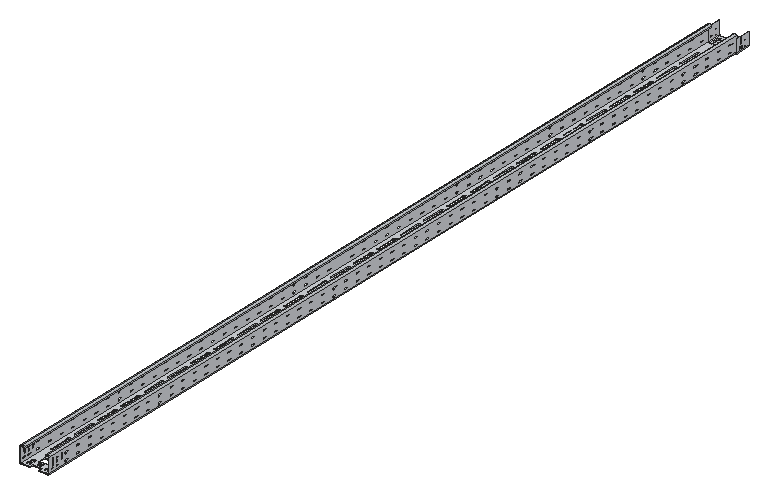
Revit family "Kabelrinne MKS Magic-MKSM Kabelrinne 1 mm, FT,FS", category Generic Models, Revit 2017 (continued)
Dimensions and locks
  locked: cut or joined group 1 (Extrusion 2, Extrusion 15, Extrusion 16, Extrusion 17, Extrusion 18, Extrusion 19, Extrusion 20, Extrusion 21, Extrusion 22, Extrusion 23, Extrusion 24, Extrusion 25, Extrusion 26, Extrusion 27, Extrusion 28, Extrusion 29, Extrusion 261, Extrusion 264) to cut or joined group 2 (Extrusion 1, Extrusion 3, Extrusion 4, Extrusion 5, Extrusion 6, Extrusion 7, Extrusion 8, Extrusion 9, Extrusion 10, Extrusion 11, Extrusion 12, Extrusion 13, Extrusion 14, Extrusion 30, Extrusion 31, Extrusion 32, Extrusion 33, Extrusion 34, Extrusion 35, Extrusion 36, Extrusion 37, Extrusion 38, Extrusion 39, Extrusion 40, Extrusion 41, Extrusion 42, Extrusion 43, Extrusion 44, Extrusion 45, Extrusion 46, Extrusion 47, Extrusion 48, Extrusion 49, Extrusion 50, Extrusion 51, Extrusion 52, Extrusion 53, Extrusion 54, Extrusion 55, Extrusion 56, Extrusion 57, Extrusion 58, Extrusion 59, Extrusion 60, Extrusion 61, Extrusion 62, Extrusion 63, Extrusion 64, Extrusion 65, Extrusion 66, Extrusion 67, Extrusion 68, Extrusion 69, Extrusion 70, Extrusion 71, Extrusion 72, Extrusion 73, Extrusion 74, Extrusion 75, Extrusion 76, Extrusion 77, Extrusion 78, Extrusion 79, Extrusion 80, Extrusion 81, Extrusion 82, Extrusion 83, Extrusion 84, Extrusion 85, Extrusion 86, Extrusion 87, Extrusion 88, Extrusion 89, Extrusion 90, Extrusion 91, Extrusion 92, Extrusion 93, Extrusion 94, Extrusion 95, Extrusion 96, Extrusion 97, Extrusion 98, Extrusion 99, Extrusion 100, Extrusion 101, Extrusion 102, Extrusion 103, Extrusion 104, Extrusion 105, Extrusion 106, Extrusion 107, Extrusion 108, Extrusion 109, Extrusion 110, Extrusion 111, Extrusion 112, Extrusion 113, Extrusion 114, Extrusion 115, Extrusion 116, Extrusion 117, Extrusion 118, Extrusion 119, Extrusion 120, Extrusion 121, Extrusion 122, Extrusion 123, Extrusion 124, Extrusion 125, Extrusion 126, Extrusion 127, Extrusion 128, Extrusion 129, Extrusion 130, Extrusion 131, Extrusion 132, Extrusion 133, Extrusion 134, Extrusion 135, Extrusion 136, Extrusion 137, Extrusion 138, Extrusion 139, Extrusion 140, Extrusion 141, Extrusion 142, Extrusion 143, Extrusion 144, Extrusion 145, Extrusion 146, Extrusion 147, Extrusion 148, Extrusion 149, Extrusion 150, Extrusion 151, Extrusion 152, Extrusion 153, Extrusion 154, Extrusion 155, Extrusion 156, Extrusion 157, Extrusion 158, Extrusion 159, Extrusion 160, Extrusion 161, Extrusion 162, Extrusion 163, Extrusion 164, Extrusion 165, Extrusion 166, Extrusion 167, Extrusion 168, Extrusion 169, Extrusion 170, Extrusion 171, Extrusion 172, Extrusion 173, Extrusion 174, Extrusion 175, Extrusion 176, Extrusion 177, Extrusion 178, Extrusion 179, Extrusion 180, Extrusion 181, Extrusion 182, Extrusion 183, Extrusion 184, Extrusion 185, Extrusion 186, Extrusion 187, Extrusion 188, Extrusion 189, Extrusion 190, Extrusion 191, Extrusion 192, Extrusion 193, Extrusion 194, Extrusion 195, Extrusion 196, Extrusion 197, Extrusion 198, Extrusion 199, Extrusion 200, Extrusion 201, Extrusion 202, Extrusion 203, Extrusion 204, Extrusion 205, Extrusion 206, Extrusion 207, Extrusion 208, Extrusion 209, Extrusion 210, Extrusion 211, Extrusion 212, Extrusion 213, Extrusion 214, Extrusion 215, Extrusion 216, Extrusion 217, Extrusion 218, Extrusion 219, Extrusion 220, Extrusion 221, Extrusion 222, Extrusion 223, Extrusion 224, Extrusion 225, Extrusion 226, Extrusion 227, Extrusion 228, Extrusion 229, Extrusion 230, Extrusion 231, Extrusion 232, Extrusion 233, Extrusion 234, Extrusion 235, Extrusion 236, Extrusion 237, Extrusion 238, Extrusion 239, Extrusion 240, Extrusion 241, Extrusion 242, Extrusion 243, Extrusion 244, Extrusion 245, Extrusion 246, Extrusion 247, Extrusion 248, Extrusion 249, Extrusion 250, Extrusion 251, Extrusion 252, Extrusion 253, Extrusion 254, Extrusion 255, Extrusion 256, Extrusion 257, Extrusion 258, Extrusion 259, Extrusion 260, Extrusion 262, Extrusion 263, Extrusion 264, Extrusion 265, Extrusion 266, Extrusion 267, Extrusion 268, Extrusion 269, Extrusion 270, Extrusion 271, Extrusion 272, Extrusion 273, Extrusion 274, Extrusion 275, Extrusion 276, Extrusion 277, Extrusion 278, Extrusion 279, Extrusion 280, Extrusion 281, Extrusion 282, Extrusion 283, Extrusion 284, Extrusion 285, Extrusion 286, Extrusion 287, Extrusion 288, Extrusion 289, Extrusion 290, Extrusion 291, Extrusion 292, Extrusion 293, Extrusion 294, Extrusion 295, Extrusion 296, Extrusion 297, Extrusion 298, Extrusion 299, Extrusion 300, Extrusion 301, Extrusion 302, Extrusion 303, Extrusion 304, Extrusion 305, Extrusion 306, Extrusion 307, Extrusion 308, Extrusion 309, Extrusion 310, Extrusion 311, Extrusion 312, Extrusion 313, Extrusion 314, Extrusion 315, Extrusion 316, Extrusion 317, Extrusion 318, Extrusion 319, Extrusion 320, Extrusion 321, Extrusion 322, Extrusion 323, Extrusion 324, Extrusion 325, Extrusion 326, Extrusion 327, Extrusion 328, Extrusion 329, Extrusion 330, Extrusion 331, Extrusion 332, Extrusion 333, Extrusion 334, Extrusion 335, Extrusion 336, Extrusion 337, Extrusion 338, Extrusion 339, Extrusion 340, Extrusion 341, Extrusion 342, Extrusion 343, Extrusion 344, Extrusion 345, Extrusion 346, Extrusion 347, Extrusion 348, Extrusion 349, Extrusion 350, Extrusion 352, Extrusion 354, Extrusion 355, Extrusion 356, Extrusion 357, Extrusion 358, Extrusion 359, Extrusion 360, Extrusion 361, Extrusion 362, Extrusion 363, Extrusion 364, Extrusion 365, Extrusion 366, Extrusion 367, Extrusion 368, Extrusion 369, Extrusion 370, Extrusion 371, Extrusion 372, Extrusion 373, Extrusion 374, Extrusion 375, Extrusion 376, Extrusion 377, Extrusion 378, Extrusion 379, Extrusion 380, Extrusion 381, Extrusion 382, Extrusion 383, Extrusion 384, Extrusion 385, Extrusion 386, Extrusion 387, Extrusion 388, Extrusion 389, Extrusion 390, Extrusion 391, Extrusion 392, Extrusion 393, Extrusion 394, Extrusion 395, Extrusion 396, Extrusion 397, Extrusion 398, Extrusion 399, Extrusion 400, Extrusion 401, Extrusion 402, Extrusion 403, Extrusion 404, Extrusion 405, Extrusion 406, Extrusion 407, Extrusion 408, Extrusion 409, Extrusion 410, Extrusion 411) at 21.08  (x3)
  locked: cut or joined group 1 to cut or joined group 1 at 21.92
  locked: Extrusion 26 sketch curve to Extrusion 26 sketch curve at 7.6
  locked: Extrusion 26 sketch curve to Extrusion 26 sketch curve at 16
  locked: Extrusion 26 to cut or joined group 2 at 28.08
  cut or joined group 1 to Extrusion 26 = 14.32 mm
  Extrusion 27 sketch curve to Extrusion 27 sketch curve = 7.6 mm
  plane 25 to Extrusion 27 sketch curve = 8 mm
  Extrusion 27 sketch curve to plane 25 = 8 mm
  locked: cut or joined group 1 to Extrusion 27 at 14.32
  locked: Extrusion 28 to cut or joined group 2 at 13.48
  locked: cut or joined group 1 to cut or joined group 2 at 13.48  (x3)
  locked: Extrusion 29 sketch curve to Extrusion 29 sketch curve at 7.6
  locked: plane 50 to cut or joined group 2 at 76.25
  locked: cut or joined group 2 to cut or joined group of Extrusion 1, Extrusion 3, Extrusion 4, Extrusion 5, Extrusion 6, Extrusion 7, Extrusion 8, Extrusion 9, Extrusion 10, Extrusion 11, Extrusion 12, Extrusion 13, Extrusion 14, Extrusion 30, Extrusion 31, Extrusion 32, Extrusion 33, Extrusion 34, Extrusion 35, Extrusion 36, Extrusion 37, Extrusion 38, Extrusion 39, Extrusion 40, Extrusion 41, Extrusion 42, Extrusion 43, Extrusion 44, Extrusion 45, Extrusion 46, Extrusion 47, Extrusion 48, Extrusion 49, Extrusion 50, Extrusion 51, Extrusion 52, Extrusion 53, Extrusion 54, Extrusion 55, Extrusion 56, Extrusion 57, Extrusion 58, Extrusion 59, Extrusion 60, Extrusion 61, Extrusion 62, Extrusion 63, Extrusion 64, Extrusion 65, Extrusion 66, Extrusion 67, Extrusion 68, Extrusion 69, Extrusion 70, Extrusion 71, Extrusion 72, Extrusion 73, Extrusion 74, Extrusion 75, Extrusion 76, Extrusion 77, Extrusion 78, Extrusion 79, Extrusion 80, Extrusion 81, Extrusion 82, Extrusion 83, Extrusion 84, Extrusion 85, Extrusion 86, Extrusion 87, Extrusion 88, Extrusion 89, Extrusion 90, Extrusion 91, Extrusion 92, Extrusion 93, Extrusion 94, Extrusion 95, Extrusion 96, Extrusion 97, Extrusion 98, Extrusion 99, Extrusion 100, Extrusion 101, Extrusion 102, Extrusion 103, Extrusion 104, Extrusion 105, Extrusion 106, Extrusion 107, Extrusion 108, Extrusion 109, Extrusion 110, Extrusion 111, Extrusion 112, Extrusion 113, Extrusion 114, Extrusion 115, Extrusion 116, Extrusion 117, Extrusion 118, Extrusion 119, Extrusion 120, Extrusion 121, Extrusion 122, Extrusion 123, Extrusion 124, Extrusion 125, Extrusion 126, Extrusion 127, Extrusion 128, Extrusion 129, Extrusion 130, Extrusion 131, Extrusion 132, Extrusion 133, Extrusion 134, Extrusion 135, Extrusion 136, Extrusion 137, Extrusion 138, Extrusion 139, Extrusion 140, Extrusion 141, Extrusion 142, Extrusion 143, Extrusion 144, Extrusion 145, Extrusion 146, Extrusion 147, Extrusion 148, Extrusion 149, Extrusion 150, Extrusion 151, Extrusion 152, Extrusion 153, Extrusion 154, Extrusion 155, Extrusion 156, Extrusion 157, Extrusion 158, Extrusion 159, Extrusion 160, Extrusion 161, Extrusion 162, Extrusion 163, Extrusion 164, Extrusion 165, Extrusion
     166, Extrusion 167, Extrusion 168, Extrusion 169, Extrusion 170, Extrusion 171, Extrusion 172, Extrusion 173, Extrusion 174, Extrusion 175, Extrusion 176, Extrusion 177, Extrusion 178, Extrusion 179, Extrusion 180, Extrusion 181, Extrusion 182, Extrusion 183, Extrusion 184, Extrusion 185, Extrusion 186, Extrusion 187, Extrusion 188, Extrusion 189, Extrusion 190, Extrusion 191, Extrusion 192, Extrusion 193, Extrusion 194, Extrusion 195, Extrusion 196, Extrusion 197, Extrusion 198, Extrusion 199, Extrusion 200, Extrusion 201, Extrusion 202, Extrusion 203, Extrusion 204, Extrusion 205, Extrusion 206, Extrusion 207, Extrusion 208, Extrusion 209, Extrusion 210, Extrusion 211, Extrusion 212, Extrusion 213, Extrusion 214, Extrusion 215, Extrusion 216, Extrusion 217, Extrusion 218, Extrusion 219, Extrusion 220, Extrusion 221, Extrusion 222, Extrusion 223, Extrusion 224, Extrusion 225, Extrusion 226, Extrusion 227, Extrusion 228, Extrusion 229, Extrusion 230, Extrusion 231, Extrusion 232, Extrusion 233, Extrusion 234, Extrusion 235, Extrusion 236, Extrusion 237, Extrusion 238, Extrusion 239, Extrusion 240, Extrusion 241, Extrusion 242, Extrusion 243, Extrusion 244, Extrusion 245, Extrusion 246, Extrusion 247, Extrusion 248, Extrusion 249, Extrusion 250, Extrusion 251, Extrusion 252, Extrusion 253, Extrusion 254, Extrusion 255, Extrusion 256, Extrusion 257, Extrusion 258, Extrusion 259, Extrusion 260, Extrusion 262, Extrusion 263, Extrusion 264, Extrusion 265, Extrusion 266, Extrusion 267, Extrusion 268, Extrusion 269, Extrusion 270, Extrusion 271, Extrusion 272, Extrusion 273, Extrusion 274, Extrusion 275, Extrusion 276, Extrusion 277, Extrusion 278, Extrusion 279, Extrusion 280, Extrusion 281, Extrusion 282, Extrusion 283, Extrusion 284, Extrusion 285, Extrusion 286, Extrusion 287, Extrusion 288, Extrusion 289, Extrusion 290, Extrusion 291, Extrusion 292, Extrusion 293, Extrusion 294, Extrusion 295, Extrusion 296, Extrusion 297, Extrusion 298, Extrusion 299, Extrusion 300, Extrusion 301, Extrusion 302, Extrusion 303, Extrusion 304, Extrusion 305, Extrusion 306, Extrusion 307, Extrusion 308, Extrusion 309, Extrusion 310, Extrusion 311, Extrusion 312, Extrusion 313, Extrusion 314, Extrusion 315, Extrusion 316, Extrusion 317, Extrusion 318, Extrusion 319, Extrusion 320, Extrusion 321, Extrusion 322, Extrusion 323, Extrusion 324, Extrusion 325, Extrusion 326, Extrusion 327, Extrusion 328, Extrusion 329, Extrusion 330, Extrusion 331, Extrusion 332, Extrusion 333, Extrusion 334, Extrusion 335, Extrusion 336, Extrusion 337, Extrusion 338, Extrusion 339, Extrusion 340, Extrusion 341, Extrusion 342, Extrusion 343, Extrusion 344, Extrusion 345, Extrusion 346, Extrusion 347, Extrusion 348, Extrusion 349, Extrusion 350, Extrusion 352, Extrusion 354, Extrusion 355, Extrusion 356, Extrusion 357, Extrusion 358, Extrusion 359, Extrusion 360, Extrusion 361, Extrusion 362, Extrusion 363, Extrusion 364, Extrusion 365, Extrusion 366, Extrusion 367, Extrusion 368, Extrusion 369, Extrusion 370, Extrusion 371, Extrusion 372, Extrusion 373, Extrusion 374, Extrusion 375, Extrusion 376, Extrusion 377, Extrusion 378, Extrusion 379, Extrusion 380, Extrusion 381, Extrusion 382, Extrusion 383, Extrusion 384, Extrusion 385, Extrusion 386, Extrusion 387, Extrusion 388, Extrusion 389, Extrusion 390, Extrusion 391, Extrusion 392, Extrusion 393, Extrusion 394, Extrusion 395, Extrusion 396, Extrusion 397, Extrusion 398, Extrusion 399, Extrusion 400, Extrusion 401, Extrusion 402, Extrusion 403, Extrusion 404, Extrusion 405, Extrusion 406, Extrusion 407, Extrusion 408, Extrusion 409, Extrusion 410, Extrusion 411 at 86.25  (x2)
  equal spacing: group 1, group 2, group 3, group 4, group 5, group 6, group 7, group 8, group 9, group 10, group 11, group 12, group 13, group 14, group 15, group 16, group 17, group 18, group 19, group 20, group 21, group 22, group 23, group 24, group 25, group 26, group 27, group 28, group 29, group 30, group 31, group 32, group 33, group 34, group 35, group 36, group 37, group 38, group 39, group 40, group 41, group 42, group 43, group 44, group 45, group 46, group 47, group 48, group 49, group 50, group 51, group 52, group 53, group 54, group 55, group 56, group 57  (x3)
  locked: plane 50 to plane 52 at 50.83
  group 116 to group 117 = 0 mm  (x2)
  group 116 to group 117 = 50.816 mm
  equal spacing: group 117, group 118, group 119, group 120, group 121, group 122, group 123, group 124, group 125, group 126, group 127, group 128, group 129, group 130, group 131, group 132, group 133, group 134, group 135, group 136, group 137, group 138, group 139, group 140, group 141, group 142, group 143, group 144, group 145, group 146, group 147, group 148, group 149, group 150, group 151, group 152, group 153, group 154, group 155, group 156, group 157, group 158, group 159, group 160, group 161, group 162, group 163, group 164, group 165, group 166, group 167, group 168, group 169, group 170, group 171, group 172, group 173  (x3)
  cut or joined group 2 to plane 50 = 76.25 mm
  plane 50 to plane 1 "Center (Front/Back)" = 76.25 mm
  group 115 to group 174 = 0 mm  (x2)
  group 115 to group 174 = 50.83 mm
  equal spacing: group 174, group 175, group 176, group 177, group 178, group 179, group 180, group 181, group 182, group 183, group 184, group 185, group 186, group 187, group 188, group 189, group 190, group 191, group 192, group 193, group 194, group 195, group 196, group 197, group 198, group 199, group 200, group 201, group 202, group 203, group 204, group 205, group 206, group 207, group 208, group 209, group 210, group 211, group 212, group 213, group 214, group 215, group 216, group 217, group 218, group 219, group 220, group 221, group 222, group 223, group 224, group 225, group 226, group 227, group 228, group 229, group 230  (x3)
  locked: cut or joined group 1 to plane 53 at 12.71
  locked: Extrusion 261 sketch curve to Extrusion 261 sketch curve at 30
  locked: cut or joined group 2 to plane 54 at 12.71
  locked: Extrusion 262 sketch curve to plane 3 "Center (Left/Right)" at 15
  locked: plane 3 "Center (Left/Right)" to Extrusion 262 sketch curve at 15
